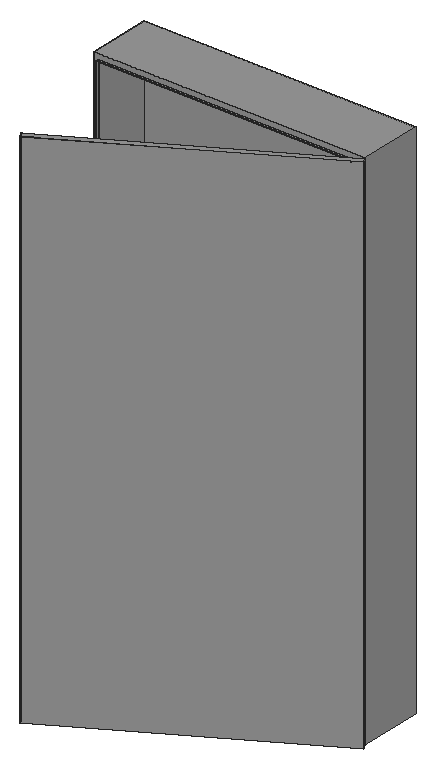
Revit family "Hager-Univers-IP44-D205-H1550-Cl.II-Encl-NoHosted-CH-de", category Equipement électrique, Revit 2020
Family settings
  Configuration du panneau = Deux colonnes, circuits au sein
  Cote de connecteur circulaire = Utiliser le diamètre
  Type d'élément = Tableau de raccordement
  Basée sur le plan de construction = Oui
  Toujours verticalement = Oui
  Couper avec des vides une fois chargée = Non
  Partagée = Non
  Point de calcul de pièce = Non
Parameters (values of type "Aufputz IP44 B800 H1550 T205  - FP03SN2")
  Width Control [instance] = if([EF000008 - Breite] > Min Width, [EF000008 - Breite], Min Width)  # 800 mm
  Commentaires du type = [HG000003 - Bereich]  # "Univers"
  Thickness Door [instance] = if([EF009171 - Materialstärke Tür/Deckel] > 3 mm, 3 mm, [EF009171 - Materialstärke Tür/Deckel])  # 1 mm
  Seal Frame Offset [instance] = 17 mm  # constant formula
  Plinth Visibility [instance] = [HG000027 - Sockelhöhe] > 0 mm  # no
  Min Width [instance] = 100 mm  # constant formula
  Min Depth [instance] = (2 * [EF009170 - Materialstärke Gehäuse]) + 1 mm  # 3 mm
  Min Height [instance] = 100 mm  # constant formula
  Internal Frame Depth [instance] = (Door System Depth * 0.5)  # 9 mm
  Panel Name [instance] = ""  # (empty or 0)
  Model = ""
  HG000027 - Sockelhöhe = 0 mm
  HG000026 - Stehend auf dem Boden = no
  HG000024 - Höhe des unteren Teils = 600 mm
  HG000023 - Gehäuse mit doppeltem Querschnitt = no
  HG000016 - 3D-Türsichtbarkeit [instance] = yes
  HG000015 - Sichtbarkeit der Türöffnung [instance] = no
  HG000014 - Tür rechts [instance] = yes
  HG000013 - Tür links [instance] = not([HG000014 - Tür rechts])  # no
  HG000012 - Türschwenkwinkel [instance] = 30.00°
  HG000010 - Asymmetrische Türen = no
  HG000009 - Doppelflügeligen Tür = no
  HG000006 - Unterputz = no
  HG000004 - Herstellerreferenz = "FP03SN2"
  HG000003 - Bereich = "Univers"
  HG000002 - Mit tür = yes
  Frame Offset Bottom [instance] = 10 mm  # constant formula
  Frame Offset [instance] = 15 mm  # constant formula
  EF015940 - Deckel mit Überdruckentlastung = no
  EF011959 - Schutzart (NEMA) = ""
  EF009554 - Anzahl der Öffnungen für Flanschplatten = 6
  EF009212 - Ausführung Deckel = "EV000116 - geschlossen"
  EF009171 - Materialstärke Tür/Deckel = 1 mm
  EF009170 - Materialstärke Gehäuse = 1 mm
  EF008873 - Nennstrom (In) = 250 A
  EF007800 - Geeignet für Blitzschutz = no
  EF006306 - Mit Schloss = no
  EF006244 - Transparenter Deckel/Tür = no
  EF005474 - Schutzart (IP) = "EV006418 - IP44"
  EF004464 - Art der Tür = "EV002646 - Einzel"
  EF004427 - Anzahl der Module = 360
  EF004293 - Schlagfestigkeit = "EV006815 - IK09"
  EF003532 - Geeignet für Außengebrauch = no
  EF002950 - Breite in Teilungseinheiten = 36
  EF001613 - Funktionserhalt = "EV000494 - ohne"
  EF001596 - Werkstoff des Gehäuses = "EV000179 - Stahl"
  EF001131 - Innentiefe = 143 mm
  EF001088 - Anbaumöglichkeit = yes
  EF000437 - Anzahl der Leitungseinführungen = 6
  EF000339 - Art der Abdeckung = "EV001012 - Deckel"
  EF000266 - Anzahl der Reihen = 10
  EF000218 - Einbautiefe = 205 mm
  EF000118 - Mit Montageplatte = no
  EF000116 - RAL-Nummer = "9010"
  EF000049 - Tiefe = 205 mm
  EF000040 - Höhe = 1550 mm
  EF000008 - Breite = 800 mm
  EF000007 - Farbe = "EV000202 - weiß"
  EF000003 - Montageart = "EV000384 - Aufputz"
  Door System Leaf Tolerance [instance] = 1.5 mm  # constant formula
  Door System Depth [instance] = 18 mm  # constant formula
  Door Height [instance] = Height Control - [HG000027 - Sockelhöhe]  # 1550 mm
  Description = ""
  Default Elevation = 1219.2 mm
  Connector Offset [instance] = Height Control / 2  # 775 mm
  Fabricant = "Hager"  # constant formula
  Height Control [instance] = if([EF000040 - Höhe] > Min Height, [EF000040 - Höhe], Min Height)  # 1550 mm
  Depth Control [instance] = if([EF000049 - Tiefe] > Min Depth, [EF000049 - Tiefe], Min Depth)  # 205 mm
  Bottom Top Plate Trim [instance] = 1.5 mm  # constant formula
  Plinth height Ctrl [instance] = if([HG000027 - Sockelhöhe] > 0 mm, [HG000027 - Sockelhöhe], 12 mm)  # 12 mm
Types (5, lengths in mm): name | Width Control | HG000009 - Doppelflügeligen Tür | HG000004 - Herstellerreferenz | EF009554 - Anzahl der Öffnungen für Flanschplatten | EF008873 - Nennstrom (In) | EF004464 - Art der Tür | EF004427 - Anzahl der Module | EF002950 - Breite in Teilungseinheiten | EF001131 - Innentiefe | EF000437 - Anzahl der Leitungseinführungen | EF000008 - Breite
  Aufputz IP44 B1050 H1550 T205  - FP04SN2 | 1050 | yes | "FP04SN2" | 8 | 400 A | "EV003602 - Doppel" | 480 | 48 | 143 | 8 | 1050
  Aufputz IP44 B1300 H1550 T205  - FP05SN2 | 1300 | yes | "FP05SN2" | 10 | 400 A | "EV003602 - Doppel" | 600 | 60 | 143 | 10 | 1300
  Aufputz IP44 B300 H1550 T205  - FP01SN2 | 300 | no | "FP01SN2" | 2 | 250 A | "EV002646 - Einzel" | 120 | 12 | 130 | 2 | 300
  Aufputz IP44 B550 H1550 T205  - FP02SN2 | 550 | no | "FP02SN2" | 4 | 250 A | "EV002646 - Einzel" | 240 | 24 | 143 | 4 | 550
  Aufputz IP44 B800 H1550 T205  - FP03SN2 | 800 | no | "FP03SN2" | 6 | 250 A | "EV002646 - Einzel" | 360 | 36 | 143 | 6 | 800
Reference planes
  plane 1 "Center (Front/Back)": y = 0
  plane 2: z = 0
  plane 3 "Center (Left/Right)": x = 0
  plane 4: y = 0
  plane 5: y = 0
  plane 6: z = 0
  plane 7: x = -400
  plane 8: x = 400
  plane 9: x = 399
  plane 10: x = -399
  plane 11: z = 0
  plane 12: z = 1
  plane 13: y = -205
  plane 14: y = -1
  plane 15: x = 0
  plane 16: y = -187
  plane 17: y = -204
  plane 18: y = -186
  plane 19: x = -384
  plane 20: x = 384
  plane 21: z = 11
  plane 22: x = -383
  plane 23: x = 383
  plane 24: z = 0
  plane 25: z = 1550
  plane 26: z = 1550
  plane 27: z = 1534
  plane 28: z = 1549
Forms (mm)
  Extrusion 1, solid, material "Hager_Steel_RAL7035_Light_Grey", detail levels medium+fine
    sketch origin (-208.679, -4572, 0) x (-1, 0, 0) y (0, -1, 0)
      loop
        line (191.321, -4385) -> (-608.679, -4385) -> (-608.679, -4572) -> (191.321, -4572) -> (191.321, -4385)
    from 0 to 1550
  Extrusion 2, void
    sketch origin (-350.771, -205, 1219.2) x (1, 0, 0) y (0, 0, 1)
      loop
        line (-48.229, 329.8) -> (-48.229, -1218.2) -> (749.771, -1218.2) -> (749.771, 329.8) -> (-48.229, 329.8)
    from -19 to -204
  Extrusion 3, void
    sketch origin (-290.084, -187, 1219.2) x (1, 0, 0) y (0, 0, 1)
      loop
        line (-93.916, -1208.2) -> (674.084, -1208.2) -> (674.084, 314.8) -> (-93.916, 314.8) -> (-93.916, -1208.2)
    from 0 to -1
  Extrusion 4, solid, material "Hager_Steel_RAL7035_Light_Grey", visible <- "Plinth Visibility", detail levels medium+fine
    sketch origin (0, 0, 0) x (1, 0, 0) y (0, 1, 0)
      loop
        line (-400, 0) -> (-400, -187) -> (400, -187) -> (400, 0) -> (-400, 0)
    from 0 to 12 <- "Plinth height Ctrl"
  Extrusion 5, solid, material "Hager_Steel_RAL7035_Light_Grey", detail levels coarse
    sketch origin (0, 0, 0) x (1, 0, 0) y (0, 1, 0)
      loop
        line (-400, 0) -> (-400, -205) -> (400, -205) -> (400, 0) -> (-400, 0)
    from 0 to 1550 <- "Height Control"
  Sweep 6, void
    path in 3D
      loop
        line (-400, -187, 12) -> (400, -187, 12) -> (400, 0, 12) -> (-400, 0, 12) -> (-400, -187, 12)
    profile origin (-400, -93.5, 12) x (1, 0, 0) y (0, 0, 1)
      loop
        line (0, 0) -> (0, -1.5) -> (1.5, -1.5)
        arc (1.5, -1.5) -> (1.061, -0.439) -> (0, 0) r 1.5
  Extrusion 7, solid, material "Hager_Steel_RAL7035_Light_Grey", detail levels fine
    sketch origin (-400, -187, 0) x (1, 0, 0) y (0, 0, 1)
      loop
        line (16, 11) -> (784, 11) -> (784, 1534) -> (16, 1534) -> (16, 11)
      loop
        line (15, 10) -> (785, 10) -> (785, 1535) -> (15, 1535) -> (15, 10)
    from 0 to 9 <- "Internal Frame Depth"
Cuts and joins
  Extrusion 2, Extrusion 3 cuts Extrusion 1
  Sweep 6 cuts Extrusion 4
Lines and regions (mm)
  Masking region 1
    outline origin (0, 0, 0) x (1, 0, 0) y (0, 1, 0)
      loop
        line (-400, 0) -> (-400, -205) -> (400, -205) -> (400, 0) -> (-400, 0)
  Masking region 2, detail levels coarse
    outline origin (-290.084, -187, 1219.2) x (-1, 0, 0) y (0, 0, 1)
      loop
        line (-690.084, -1219.2) -> (109.916, -1219.2) -> (109.916, 330.8) -> (-690.084, 330.8) -> (-690.084, -1219.2)
  Masking region 3, detail levels coarse
    outline origin (0, 0, 0) x (0, 1, 0) y (0, 0, 1)
      loop
        line (0, 0) -> (0, 1550) -> (-205, 1550) -> (-205, 0) -> (0, 0)
  Masking region 4, visible <- "Plinth Visibility", detail levels medium+fine
    outline origin (0, 0, 0) x (0, 1, 0) y (0, 0, 1)
      loop
        line (-1.5, 12) -> (-185.5, 12)
        arc (-185.5, 12) -> (-185.939, 10.939) -> (-187, 10.5) r 1.5
        line (-187, 10.5) -> (-187, 0) -> (0, 0) -> (0, 10.5)
        arc (0, 10.5) -> (-1.061, 10.939) -> (-1.5, 12) r 1.5
  Masking region 5, detail levels medium+fine
    outline origin (0, 0, 594.038) x (0, 1, 0) y (0, 0, 1)
      loop
        line (0, -594.038) -> (0, 955.962) -> (-187, 955.962) -> (-187, -594.038) -> (0, -594.038)
  Masking region 6, detail levels medium+fine
    outline origin (-359.7, -187, 1211.883) x (-1, 0, 0) y (0, 0, 1)
      loop
        line (-759.7, -1211.883) -> (40.3, -1211.883) -> (40.3, 338.117) -> (-759.7, 338.117) -> (-759.7, -1211.883)
  Masking region 7, visible <- "Plinth Visibility", detail levels medium+fine
    outline origin (-320.334, -187, 1041.368) x (-1, 0, 0) y (0, 0, 1)
      loop
        line (-720.334, -1041.368) -> (79.666, -1041.368) -> (79.666, -1030.868)
        arc (79.666, -1030.868) -> (78.606, -1030.429) -> (78.166, -1029.368) r 1.5
        line (78.166, -1029.368) -> (-718.834, -1029.368)
        arc (-718.834, -1029.368) -> (-719.273, -1030.429) -> (-720.334, -1030.868) r 1.5
        line (-720.334, -1030.868) -> (-720.334, -1041.368)
  sketch lines
    curve 1: line (-400, 0, 12) -> (-400, -187, 12)
    curve 2: line (-400, -187, 12) -> (400, -187, 12)
    curve 3: line (400, 0, 12) -> (-400, 0, 12)
    curve 4: line (400, -187, 12) -> (400, 0, 12)
Dimensions and locks
  locked: plane 1 "Center (Front/Back)" to plane 5
  "EF009170 - Materialstärke Gehäuse": plane 7 to plane 10
  "EF009170 - Materialstärke Gehäuse": plane 8 to plane 9
  equal spacing: plane 7, plane 3 "Center (Left/Right)", plane 8
  "Width Control": plane 7 to plane 8
  "Depth Control": plane 4 to plane 13
  "EF009170 - Materialstärke Gehäuse": plane 4 to plane 14
  "Height Control": plane 25 to level
  "HG000027 - Sockelhöhe": plane 11 to level
  "EF009170 - Materialstärke Gehäuse": plane 12 to plane 11
  "EF009170 - Materialstärke Gehäuse": plane 17 to plane 13
  "EF009170 - Materialstärke Gehäuse": plane 18 to plane 16
  "Frame Offset Bottom": plane 21 to plane 12
  "Frame Offset": plane 10 to plane 19
  "Frame Offset": plane 9 to plane 20
  "Door System Depth": plane 16 to plane 13
  "Seal Frame Offset": plane 7 to plane 22
  "Seal Frame Offset": plane 8 to plane 23
  "EF009170 - Materialstärke Gehäuse": plane 26 to plane 28
  "Frame Offset": plane 28 to plane 27
  "Connector Offset": plane 2 to connector elem
  "Bottom Top Plate Trim": profile plane to Sweep 6 sketch curve
  "Bottom Top Plate Trim": Sweep 6 sketch curve to Sweep 6 sketch curve
  "Plinth height Ctrl": Masking region 4 sketch curve to level
  "Plinth height Ctrl": Masking region 7 sketch curve to level
  "Thickness Door": Extrusion 7 sketch curve to Extrusion 7 sketch curve  (x4)
  "Bottom Top Plate Trim": radius of Sweep 6 sketch curve
  "Bottom Top Plate Trim": radius of Masking region 4 sketch curve  (x2)
  "Bottom Top Plate Trim": radius of Masking region 7 sketch curve  (x2)
  aligned and locked: Extrusion 2 sketch curve to plane 12
  aligned and locked: Extrusion 2 sketch curve to plane 9
  aligned and locked: Extrusion 2 sketch curve to plane 10
  aligned and locked: Extrusion 2 to plane 14
  aligned and locked: Extrusion 1 sketch curve to plane 4
  aligned and locked: plane 8 to Extrusion 1 sketch curve
  aligned and locked: plane 7 to Extrusion 1 sketch curve
  aligned and locked: Extrusion 2 to plane 18
  aligned and locked: Extrusion 3 sketch curve to plane 19
  aligned and locked: plane 20 to Extrusion 3 sketch curve
  aligned and locked: Extrusion 3 to Extrusion 2
  aligned and locked: Extrusion 3 sketch curve to plane 21
  aligned and locked: plane 3 "Center (Left/Right)" to nested 1
  aligned and locked: Extrusion 1 sketch curve to plane 16
  aligned and locked: Extrusion 4 sketch curve to cut or joined group of Extrusion 1, Extrusion 2, Extrusion 3
  aligned and locked: Masking region 1 sketch curve to plane 7
  aligned and locked: Masking region 1 sketch curve to plane 5
  aligned and locked: Masking region 1 sketch curve to plane 8
  aligned and locked: Masking region 2 sketch curve to level
  aligned and locked: level to Masking region 3 sketch curve
  aligned and locked: plane 1 "Center (Front/Back)" to Masking region 3 sketch curve
  aligned and locked: plane 13 to Masking region 3 sketch curve
  aligned and locked: plane 5 to Masking region 4 sketch curve
  aligned and locked: Masking region 2 sketch curve to plane 8
  aligned and locked: Masking region 2 sketch curve to plane 7
  aligned and locked: plane 7 to nested 2
  aligned and locked: nested 2 to plane 5
  aligned and locked: plane 5 to Masking region 5 sketch curve
  aligned and locked: plane 26 to Masking region 5 sketch curve
  aligned and locked: Extrusion 5 sketch curve to plane 8
  aligned and locked: Extrusion 5 sketch curve to plane 7
  aligned and locked: Extrusion 5 sketch curve to plane 5
  aligned and locked: Extrusion 3 sketch curve to plane 27
  aligned and locked: Extrusion 2 sketch curve to plane 28
  aligned and locked: Masking region 2 to plane 25
  aligned and locked: Extrusion 4 to plane 16
  aligned and locked: profile plane to Sweep 6 sketch curve
  aligned and locked: Masking region 5 sketch curve to plane 24
  aligned and locked: level to Masking region 4 sketch curve
  aligned and locked: Masking region 1 to plane 13
  aligned and locked: nested 1 to plane 16
  aligned and locked: Masking region 3 to plane 25
  aligned and locked: plane 16 to Masking region 4 sketch curve
  aligned and locked: Masking region 5 sketch curve to plane 16
  aligned and locked: plane 24 to plane 11
  aligned and locked: plane 26 to plane 25
  aligned and locked: plane 26 to cut or joined group of Extrusion 1, Extrusion 2, Extrusion 3
  aligned and locked: nested 1 to plane 24
  aligned and locked: Extrusion 1 to Extrusion 3
  aligned and locked: Masking region 6 sketch curve to plane 8
  aligned and locked: Masking region 6 sketch curve to plane 24
  aligned and locked: Masking region 6 sketch curve to plane 7
  aligned and locked: Masking region 6 sketch curve to plane 26
  aligned and locked: Masking region 7 sketch curve to plane 7
  aligned and locked: level to Masking region 7 sketch curve
  aligned and locked: Masking region 7 sketch curve to plane 8
  aligned and locked: Extrusion 7 sketch curve to cut or joined group of Extrusion 1, Extrusion 2, Extrusion 3  (x4)
Automatic sketch dimensions
  plane 19 to Extrusion 3 sketch curve = 0 mm
  Extrusion 3 sketch curve to plane 20 = 0 mm
  Extrusion 3 sketch curve to plane 21 = 0 mm
  Extrusion 4 sketch curve to plane 7 = 0 mm
  Extrusion 4 sketch curve to plane 8 = 0 mm
  Extrusion 4 sketch curve to plane 16 = 0 mm
  Masking region 1 sketch curve to plane 13 = 0 mm
  Masking region 2 sketch curve to plane 25 = 0 mm
  Masking region 3 sketch curve to plane 25 = 0 mm
  Extrusion 5 sketch curve to plane 13 = 0 mm
  profile plane to Sweep 6 sketch curve = 0 mm
Nested families
  nested 1: "EC000058_Univers_Door" at (0, -187, 0), Double <- "HG000009 - Doppelflügeligen Tür", Transparent <- "EF006244 - Transparenter Deckel/Tür", Angle <- "HG000012 - Türschwenkwinkel", Door_Right <- "HG000014 - Tür rechts", Assymetrical <- "HG000010 - Asymmetrische Türen", Door <- "HG000002 - Mit tür", Width_Ctrl <- "Width Control", 3d_Door <- "HG000016 - 3D-Türsichtbarkeit", Clearance <- "HG000015 - Sichtbarkeit der Türöffnung", Door_Left <- "HG000013 - Tür links", Width <- "Width Control", Door_Depth <- "Door System Depth", Leaf_Tolerance <- "Door System Leaf Tolerance", Height <- "Door Height", Lock_Visibility <- "EF006306 - Mit Schloss", Thickness <- "Thickness Door", type "EC000058_Univers_Door", detail levels medium+fine
    with min_wh 3 mm, Width_Ctrl 800 mm, Width 800 mm, Transparent no, Thickness 1 mm, Seal_Material Hager_Rubber, Lock_Visibility no, Lock_Material Hager_Plastic_RAL9005_Jet_Black, Leaf_Width 800 mm, Leaf_Tolerance_External_Sides 0 mm, Leaf_Tolerance 1.5 mm, Leaf_Offset 0 mm, Leaf_Height 1547 mm, Leaf_2_Width 800 mm, Leaf_2_Offset 400 mm, Leaf_1_Width 800 mm, Leaf_1_Offset 400 mm, Height_Ctrl 1550 mm, Height 1550 mm, Glass_Material Hager_Glass, Double_Clearance_Ctrl no, Double no, Door_Right_Ctrl yes, Door_Right yes, Door_Material Hager_Steel_RAL7035_Light_Grey, Door_Left_Ctrl no, Door_Left no, Door_Depth 18 mm, Door yes, Clearance_Material Hager_Clearance, Clearance_Depth 800 mm, Clearance_Ctrl no, Clearance no, Assymetrical no, Angle 30.00°, 3d_Door yes
  nested 2: "Hager_Enclosure_Symbol" at (-400, 0, 0), Height <- "Depth Control", Width <- "Width Control", type "Hager_Enclosure_Symbol"
    with Width_Ctrl 800 mm, Width 800 mm, Height_Ctrl 205 mm, Height 205 mm, A_Width_Int 13.453 mm, A_Width 161.438 mm, A_Height_Ctrl 179.375 mm, A_Height 179.375 mm
Connectors
  electrical at (0, 0, 775)
    settings: on plane 1 "Center (Front/Back)", index 1, voltage 0 V, apparent load 0 VA, apparent load phase1 0 VA, apparent load phase2 0 VA, apparent load phase3 0 VA, power factor 1, load classification "Other", number of poles 1, system type 30, power factor state 1, is connector primary yes, connector utility no, sub classification motor no, connector description ""
Definition of nested family "EC000058_Univers_Door"
  Parameters (values of type "EC000058_Univers_Door")
    min_wh [instance] = (2 * Thickness) + 1 mm  # 11 mm
    Width_Ctrl [instance] = 400 mm
    Width [instance] = 500 mm
    Transparent [instance] = yes
    Thickness [instance] = 5 mm
    Seal_Material [instance] = none
    Lock_Visibility [instance] = yes
    Lock_Material [instance] = none
    Leaf_Width [instance] = if((Width_Ctrl - 2 * Leaf_Tolerance_External_Sides) > 0 mm, (Width_Ctrl - 2 * Leaf_Tolerance_External_Sides), min_wh)  # 400 mm
    Leaf_Tolerance_External_Sides [instance] = 0 mm  # constant formula
    Leaf_Tolerance [instance] = 1.5 mm
    Leaf_Offset [instance] = 0 mm  # constant formula
    Leaf_Height [instance] = if((Height_Ctrl - 2 * Leaf_Tolerance) > 0 mm, (Height_Ctrl - 2 * Leaf_Tolerance), min_wh)  # 497 mm
    Leaf_2_Width [instance] = if(and(and(Double, Assymetrical), Door_Left), (Leaf_Width / 3) - (Leaf_Tolerance / 2), if(and(and(Double, Assymetrical), Door_Right), (Leaf_Width / 3) * 2 - (Leaf_Tolerance / 2), if(and(Double, not(Assymetrical)), (Leaf_Width / 2) - Leaf_Tolerance, Leaf_Width)))  # 400 mm
    Leaf_2_Offset [instance] = if(and(Double, Assymetrical), Leaf_2_Width / 2, if(and(Double, not(Assymetrical)), Leaf_Width / 4, Leaf_Width / 2))  # 200 mm
    Leaf_1_Width [instance] = if(and(and(Double, Assymetrical), Door_Right), (Leaf_Width / 3) - (Leaf_Tolerance / 2), if(and(and(Double, Assymetrical), Door_Left), (Width / 3) * 2 - (Leaf_Tolerance / 2), if(and(Double, not(Assymetrical)), (Leaf_Width / 2) - Leaf_Tolerance, Leaf_Width)))  # 400 mm
    Leaf_1_Offset [instance] = if(and(Double, Assymetrical), Leaf_1_Width / 2, if(and(Double, not(Assymetrical)), Leaf_Width / 4, Leaf_Width / 2))  # 200 mm
    Height_Ctrl [instance] = if(Height > min_wh, Height, min_wh)  # 500 mm
    Height [instance] = 500 mm
    Glass_Material [instance] = none
    Double_Clearance_Ctrl [instance] = and(Double, Clearance)  # no
    Double [instance] = no
    Door_Right_Ctrl [instance] = and(or(Door_Right, Double), Door)  # yes
    Door_Right [instance] = yes
    Door_Material [instance] = none
    Door_Left_Ctrl [instance] = and(or(Door_Left, Double), Door)  # no
    Door_Left [instance] = no
    Door_Depth [instance] = 30 mm
    Door [instance] = yes
    Default Elevation = 1219.2 mm
    Clearance_Material [instance] = none
    Clearance_Depth [instance] = if(Leaf_1_Width > Leaf_2_Width, Leaf_1_Width, Leaf_2_Width)  # 400 mm
    Clearance_Ctrl [instance] = and(not(Double), Clearance)  # yes
    Clearance [instance] = yes
    Assymetrical [instance] = yes
    Angle [instance] = 30.00°
    3d_Door [instance] = yes
  Reference planes
    plane 1 "Center (Front/Back)": y = 0
    plane 2 "Bottom": z = 0
    plane 3 "Center (Left/Right)": x = 0
    plane 4: z = 500
    plane 5: x = -200
    plane 6: x = 200
    plane 7: z = 500
    plane 8: x = -200
    plane 9: z = 0
    plane 10: x = 200
    plane 11: y = 0
    plane 12: z = 1.5
    plane 13: x = -600
    plane 14: y = -400
    plane 15: x = 600
    plane 16: x = 0
    plane 17: x = 0
    plane 18: x = -200
    plane 19: x = 200
    plane 20: z = 498.5
  Forms (mm)
    Extrusion 1, solid, material <- "Clearance_Material", visible <- "Double_Clearance_Ctrl"
      sketch origin (1200, 0, 0) x (1, 0, 0) y (0, 0, -1)
        loop
          line (-1800, -498.5) -> (-600, -498.5) -> (-600, 0) -> (-1800, 0) -> (-1800, -498.5)
      from 0 to -400
  Dimensions and locks
    equal spacing: plane 5, plane 3 "Center (Left/Right)", plane 6
    "Width_Ctrl": plane 5 to plane 6
    "Leaf_Offset": plane 5 to plane 8
    "Leaf_Offset": plane 6 to plane 10
    "Leaf_Offset": plane 9 to level
    "Leaf_Offset": plane 4 to plane 7
    "Height_Ctrl": plane 4 to level
    "Leaf_Tolerance": plane 12 to plane 9
    locked: plane 11 to plane 1 "Center (Front/Back)"
    "Leaf_1_Offset": plane 18 to plane 16
    "Leaf_2_Offset": plane 17 to plane 19
    "Leaf_1_Width": plane 13 to plane 8
    "Leaf_2_Width": plane 10 to plane 15
    "Clearance_Depth": plane 14 to plane 1 "Center (Front/Back)"
    "Leaf_Tolerance_External_Sides": plane 8 to plane 18
    "Leaf_Tolerance_External_Sides": plane 19 to plane 10
    "Leaf_Tolerance": plane 7 to plane 20
    aligned and locked: level to plane 2 "Bottom"
    aligned and locked: nested 1 to plane 16
    aligned and locked: nested 2 to plane 17
    aligned and locked: Extrusion 1 to plane 13
    aligned and locked: plane 15 to Extrusion 1
    aligned and locked: Extrusion 1 to plane 14
    aligned and locked: plane 12 to nested 1
    aligned and locked: nested 2 to plane 12
    aligned and locked: Extrusion 1 to plane 11
    aligned and locked: plane 20 to Extrusion 1
    aligned and locked: nested 2 to plane 11
    aligned and locked: nested 1 to plane 11
  Automatic sketch dimensions
    Extrusion 1 sketch curve to level = 0 mm
    plane 5 to Extrusion 1 sketch curve = 400 mm
    plane 6 to Extrusion 1 sketch curve = 400 mm
    Extrusion 1 sketch curve to plane 4 = 1.5 mm
  Nested families
    nested 1: "EC000058_Univers_Door_Leaf" at (0, 0, 1.5), Width <- "Leaf_1_Width", visible <- "Door_Left_Ctrl", Leaf_Height <- "Leaf_Height", Angle <- "Angle", 3d_Door <- "3d_Door", Transparent <- "Transparent", Clearance Material <- "Clearance_Material", Clearance <- "Clearance_Ctrl", Door_Material <- "Door_Material", Glass_Material <- "Glass_Material", Door_Depth <- "Door_Depth", Lock_Material <- "Lock_Material", Seal_Material <- "Seal_Material", Lock_Visibility <- "Lock_Visibility", Thickness <- "Thickness", type "EC000058_Univers_Door_Leaf"
      with Width 400 mm, Transparent_Glass_Offset 30 mm, Transparent_Ctrl yes, Transparent yes, Thickness 5 mm, Standard no, Seal_Material none, Seal_D2 8 mm, Seal_D1 1 mm, Offset_Internal_Frame 10 mm, Lock_Width 20 mm, Lock_Visibility_3d yes, Lock_Visibility yes, Lock_Thickness_3 3 mm, Lock_Thickness_2 1 mm, Lock_Thickness_1 3 mm, Lock_Radius_Offset_2 16 mm, Lock_Radius_Offset_1 15 mm, Lock_Radius_2 5 mm, Lock_Radius 6 mm, Lock_Offset 5 mm, Lock_Material none, Lock_Height 80 mm, Lock_Cover_Top_Offset_2d 17 mm, Lock_Cover_Height -65 mm, Leaf_Height 497 mm, Internal_Seal_Thickness 8 mm, Internal_Seal_Depth_2 4.5 mm, Internal_Frame_Depth 25 mm, Glass_Thickness -1 mm, Glass_Offset -2 mm, Glass_Material none, Door_Material none, Door_Depth 30 mm, Clearance Material none, Clearance yes, Angle_Ctrl 30.00°, Angle 30.00°, 3d_Door yes
    nested 2: "EC000058_Univers_Door_Leaf" at (0, 0, 1.5) x (-1, 0, 0) z (0, 0, 1), Width <- "Leaf_2_Width", visible <- "Door_Right_Ctrl", Leaf_Height <- "Leaf_Height", Angle <- "Angle", 3d_Door <- "3d_Door", Transparent <- "Transparent", Clearance Material <- "Clearance_Material", Clearance <- "Clearance_Ctrl", Door_Material <- "Door_Material", Glass_Material <- "Glass_Material", Door_Depth <- "Door_Depth", Lock_Material <- "Lock_Material", Seal_Material <- "Seal_Material", Lock_Visibility <- "Lock_Visibility", Thickness <- "Thickness", type "EC000058_Univers_Door_Leaf"
      with Width 400 mm, Transparent_Glass_Offset 30 mm, Transparent_Ctrl yes, Transparent yes, Thickness 5 mm, Standard no, Seal_Material none, Seal_D2 8 mm, Seal_D1 1 mm, Offset_Internal_Frame 10 mm, Lock_Width 20 mm, Lock_Visibility_3d yes, Lock_Visibility yes, Lock_Thickness_3 3 mm, Lock_Thickness_2 1 mm, Lock_Thickness_1 3 mm, Lock_Radius_Offset_2 16 mm, Lock_Radius_Offset_1 15 mm, Lock_Radius_2 5 mm, Lock_Radius 6 mm, Lock_Offset 5 mm, Lock_Material none, Lock_Height 80 mm, Lock_Cover_Top_Offset_2d 17 mm, Lock_Cover_Height -65 mm, Leaf_Height 497 mm, Internal_Seal_Thickness 8 mm, Internal_Seal_Depth_2 4.5 mm, Internal_Frame_Depth 25 mm, Glass_Thickness -1 mm, Glass_Offset -2 mm, Glass_Material none, Door_Material none, Door_Depth 30 mm, Clearance Material none, Clearance yes, Angle_Ctrl 30.00°, Angle 30.00°, 3d_Door yes
  Definition of nested family "EC000058_Univers_Door_Leaf"
    Parameters (values of type "EC000058_Univers_Door_Leaf")
      Width [instance] = 2000 mm
      Transparent_Glass_Offset [instance] = 30 mm
      Transparent_Ctrl [instance] = and(Transparent, [3d_Door])  # yes
      Transparent [instance] = yes
      Thickness [instance] = 5 mm
      Standard [instance] = and(not(Transparent), [3d_Door])  # no
      Seal_Material [instance] = none
      Seal_D2 [instance] = 8 mm  # constant formula
      Seal_D1 [instance] = 1 mm  # constant formula
      Offset_Internal_Frame [instance] = 10 mm  # constant formula
      Lock_Width [instance] = 20 mm  # constant formula
      Lock_Visibility_3d [instance] = and(Lock_Visibility, [3d_Door])  # yes
      Lock_Visibility [instance] = yes
      Lock_Thickness_3 [instance] = 3 mm  # constant formula
      Lock_Thickness_2 [instance] = 1 mm  # constant formula
      Lock_Thickness_1 [instance] = 3 mm  # constant formula
      Lock_Radius_Offset_2 [instance] = Lock_Radius_Offset_1 + 1 mm  # 16 mm
      Lock_Radius_Offset_1 [instance] = 15 mm  # constant formula
      Lock_Radius_2 [instance] = Lock_Radius - 1 mm  # 5 mm
      Lock_Radius [instance] = 6 mm  # constant formula
      Lock_Offset [instance] = 5 mm  # constant formula
      Lock_Material [instance] = none
      Lock_Height [instance] = 80 mm  # constant formula
      Lock_Cover_Top_Offset_2d [instance] = Lock_Radius_Offset_2 + 1 mm  # 17 mm
      Lock_Cover_Height [instance] = -(Lock_Height - Lock_Radius_Offset_1)  # -65 mm
      Leaf_Height [instance] = 2720.336 mm
      Internal_Seal_Thickness [instance] = 8 mm  # constant formula
      Internal_Seal_Depth_2 [instance] = 4.5 mm  # constant formula
      Internal_Frame_Depth [instance] = if(Door_Depth - Thickness > 5 mm, Door_Depth - Thickness, 5 mm)  # 25 mm
      Glass_Thickness [instance] = if(Thickness > 15 mm, Glass_Offset + 10 mm, -1 mm)  # -1 mm
      Glass_Offset [instance] = if(Thickness > 15 mm, -(Thickness + 10 mm) / 2, -2 mm)  # -2 mm
      Glass_Material [instance] = none
      Door_Material [instance] = none
      Door_Depth [instance] = 30 mm
      Default Elevation = 0 mm
      Clearance Material [instance] = none
      Clearance [instance] = yes
      Angle_Ctrl [instance] = if(Angle > 180.00°, 180.00°, Angle)  # 90.00°
      Angle [instance] = 90.00°
      3d_Door [instance] = yes
    Reference planes
      plane 1 "Center (Front/Back)": y = 0
      plane 2: z = 0
      plane 3 "Center (Left/Right)": x = 0
      plane 4: y = 2000
      plane 5: x = -1000
      plane 6: x = 1000
      plane 7: x = -3000
      plane 8: z = 2720.336
      plane 9: z = 30
      plane 10: z = 2690.336
      plane 11: x = 970
      plane 12: x = -970
      plane 13: y = -3
      plane 14: z = 107.833
      plane 15: y = -5
      plane 16: y = -223.314
      plane 17: x = -1000
      plane 18: z = 1360.168
      plane 19: y = 30
    Forms (mm)
      Extrusion 1, solid, material <- "Clearance Material", visible <- "Clearance"
        sketch origin (0, 0, 0) x (1, 0, 0) y (0, 0, 1)
          loop
            line (-3000, 2720.336) -> (-3000, 0) -> (1000, 0) -> (1000, 2720.336) -> (-3000, 2720.336)
        from 0 to -2000
      Extrusion 2, solid, material <- "Door_Material", visible <- "Standard", detail levels medium+fine
        sketch origin (-1000, 0, 0) x (0, 1, 0) y (-1, 0, 0)
          loop
            line (0, 30) -> (0, 25) -> (2000, 25) -> (2000, 30) -> (0, 30)
        from 0 to 2720.336 <- "Leaf_Height"
      Extrusion 3, solid, material <- "Door_Material", visible <- "Transparent_Ctrl", detail levels medium+fine
        sketch origin (-1000, 0, 0) x (0, 1, 0) y (-1, 0, 0)
          loop
            line (0, 25) -> (2000, 25) -> (2000, 30) -> (0, 30) -> (0, 25)
        from 0 to 2720.336 <- "Leaf_Height"
      Extrusion 4, void
        sketch origin (-1025, 2000, 0) x (0, 1, 0) y (0, 0, -1)
          loop
            line (-30, -2690.336) -> (-30, -30) -> (-1970, -30) -> (-1970, -2690.336) -> (-30, -2690.336)
        from 0 to 5 <- "Thickness"
      Sweep 5, solid, material <- "Seal_Material", visible <- "Transparent_Ctrl", detail levels fine
        path in 3D
          loop
            line (-1025, 30, 30) -> (-1025, 30, 2690.336) -> (-1025, 1970, 2690.336) -> (-1025, 1970, 30) -> (-1025, 30, 30)
        profile origin (-1025, 1000, 30) x (1, 0, 0) y (0, 0, 1)
          loop
            line (0, 0) -> (0, -8) -> (1, -8) -> (1, 0) -> (0, 0)
      Extrusion 6, solid, material <- "Glass_Material", visible <- "Transparent_Ctrl", detail levels medium+fine
        sketch origin (-1030, 0, 0) x (0, 1, 0) y (0, 0, -1)
          loop
            line (1970, -2690.336) -> (1970, -30) -> (30, -30) -> (30, -2690.336) -> (1970, -2690.336)
        from -2 <- "Glass_Offset" to -1 <- "Glass_Thickness"
      Extrusion 7, solid, material <- "Door_Material", visible <- "3d_Door", detail levels medium+fine
        sketch origin (-1025, 2000, 0) x (0, -1, 0) y (0, 0, -1)
          loop
            line (0, -2720.336) -> (2000, -2720.336) -> (2000, 0) -> (0, 0) -> (0, -2720.336)
          loop
            line (1995, -5) -> (5, -5) -> (5, -2715.336) -> (1995, -2715.336) -> (1995, -5)
        from 0 to 25 <- "Internal_Frame_Depth"
      Sweep 8, solid, material <- "Seal_Material", visible <- "Transparent_Ctrl", detail levels fine
        path in 3D
          loop
            line (-1025, 0, 0) -> (-1025, 2000, 0) -> (-1025, 2000, 2720.336) -> (-1025, 0, 2720.336) -> (-1025, 0, 0)
        profile origin (-1025, 0, 1360.168) x (1, 0, 0) y (0, 1, 0)
          loop
            line (0, 10) -> (2.975, 10)
            arc (2.975, 10) -> (4.053, 10.447) -> (4.5, 11.525) r 1.525
            line (4.5, 11.525) -> (4.5, 16.527)
            arc (4.5, 16.527) -> (4.069, 17.569) -> (3.027, 18) r 1.473
            line (3.027, 18) -> (0, 18) -> (0, 10)
      Extrusion 9, solid, material <- "Lock_Material", visible <- "Lock_Visibility_3d", detail levels fine
        sketch origin (-1030, 0, 0) x (0, 1, 0) y (0, 0, -1)
          loop
            arc (1993.5, -1400.168) -> (1994.561, -1399.729) -> (1995, -1398.668) r 1.5
            line (1995, -1398.668) -> (1995, -1320.168) -> (1975, -1320.168) -> (1975, -1398.668)
            arc (1975, -1398.668) -> (1975.439, -1399.729) -> (1976.5, -1400.168) r 1.5
            line (1976.5, -1400.168) -> (1993.5, -1400.168)
        from 3 <- "Lock_Thickness_1" to 0
      Blend 10, solid, material <- "Lock_Material", visible <- "Lock_Visibility_3d", detail levels fine
        base sketch origin (-1033, 0, 0) x (0, 1, 0) y (0, 0, -1)
          loop
            line (1975, -1320.168) -> (1975, -1398.668)
            arc (1975, -1398.668) -> (1975.439, -1399.729) -> (1976.5, -1400.168) r 1.5
            line (1976.5, -1400.168) -> (1993.5, -1400.168)
            arc (1993.5, -1400.168) -> (1994.561, -1399.729) -> (1995, -1398.668) r 1.5
            line (1995, -1398.668) -> (1995, -1320.168) -> (1975, -1320.168)
        top sketch origin (-1033, 0, 0) x (0, 1, 0) y (0, 0, -1)
          loop
            line (1976, -1320.168) -> (1976, -1398.668)
            arc (1976, -1398.668) -> (1976.146, -1399.022) -> (1976.5, -1399.168) r 0.5
            line (1976.5, -1399.168) -> (1993.5, -1399.168)
            arc (1993.5, -1399.168) -> (1993.854, -1399.022) -> (1994, -1398.668) r 0.5
            line (1994, -1398.668) -> (1994, -1320.168) -> (1976, -1320.168)
        from 0 to 1 <- "Lock_Thickness_2"
      Blend 11, solid, material <- "Lock_Material", visible <- "Lock_Visibility_3d", detail levels fine
        base sketch origin (-1034, 0, 0) x (0, 1, 0) y (0, 0, -1)
          loop
            line (1978, -1320.168) -> (1978, -1384.168)
            arc (1978, -1384.168) -> (1985, -1391.168) -> (1992, -1384.168) r 7
            line (1992, -1384.168) -> (1992, -1320.168) -> (1978, -1320.168)
        top sketch origin (-1034, 0, 0) x (0, 1, 0) y (0, 0, -1)
          loop
            line (1991, -1320.168) -> (1979, -1320.168) -> (1979, -1383.168)
            arc (1979, -1383.168) -> (1985, -1389.168) -> (1991, -1383.168) r 6
            line (1991, -1383.168) -> (1991, -1320.168)
        from 0 to 3 <- "Lock_Thickness_3"
      Extrusion 12, solid, material <- "Lock_Material", visible <- "Lock_Visibility_3d", detail levels fine
        sketch origin (-1030, 1975, 1320.168) x (1, 0, 0) y (0, -1, 0)
          loop
            line (-7, -19) -> (-7, -1) -> (0, -1) -> (0, 0) -> (-8, 0) -> (-8, -20) -> (0, -20) -> (0, -19) -> (-7, -19)
        from 0 to -65 <- "Lock_Cover_Height"
      Extrusion 13, void
        sketch origin (-1038, 1995, 1320.168) x (-1, 0, 0) y (0, 0, -1)
          loop
            line (-5, -65) -> (0, -65) -> (-5, -60) -> (-5, -65)
        from 0 to 20 <- "Lock_Width"
      Extrusion 14, void
        sketch origin (-1038, 1975, 1320.168) x (0, -1, 0) y (0, 0, -1)
          loop
            circle (-10, -15.995) r 6
          loop
            circle (-10, -15.995) r 5
        from 0 to 2
      Extrusion 15, solid, material <- "Lock_Material", visible <- "Lock_Visibility_3d", detail levels medium
        sketch origin (-1030, 0, 0) x (0, 1, 0) y (0, 0, -1)
          loop
            arc (1993.5, -1400.168) -> (1994.561, -1399.729) -> (1995, -1398.668) r 1.5
            line (1995, -1398.668) -> (1995, -1320.168) -> (1975, -1320.168) -> (1975, -1398.668)
            arc (1975, -1398.668) -> (1975.439, -1399.729) -> (1976.5, -1400.168) r 1.5
            line (1976.5, -1400.168) -> (1993.5, -1400.168)
        from 8 to 0
    Cuts and joins
      Extrusion 4 cuts Extrusion 3
      Extrusion 13, Extrusion 14 cuts Extrusion 9
      Extrusion 14 cuts Blend 11
      Extrusion 13, Extrusion 14 cuts Extrusion 12
      joined: Extrusion 9, Blend 10, Blend 11, Extrusion 12
      Extrusion 14 cuts Extrusion 15
    Lines and regions (mm)
      Masking region 1, visible <- "Lock_Visibility", detail levels fine
        outline origin (0, 0, 0) x (0, 1, 0) y (0, 0, 1)
          loop
            line (30, 1320.168) -> (33, 1320.168) -> (33, 1400.168) -> (30, 1400.168) -> (30, 1320.168)
      Masking region 2, visible <- "Lock_Visibility", detail levels fine
        outline origin (0, 3.143, 0) x (0, 1, 0) y (0, 0, 1)
          loop
            line (29.857, 1354.168) -> (30.857, 1354.168) -> (30.857, 1366.168) -> (29.857, 1366.168) -> (29.857, 1354.168)
      Masking region 3, detail levels medium+fine
        outline origin (0, 0, 0) x (0, 1, 0) y (0, 0, 1)
          loop
            line (0, 0) -> (30, 0) -> (30, 2720.336) -> (0, 2720.336) -> (0, 0)
      Masking region 4, detail levels medium+fine
        outline origin (0, 0, 0) x (1, 0, 0) y (0, 0, 1)
          loop
            line (-1000, 2720.336) -> (-1000, 0) -> (1000, 0) -> (1000, 2720.336) -> (-1000, 2720.336)
      Masking region 5, visible <- "Lock_Visibility", detail levels fine
        outline origin (-47.116, 0, 0) x (1, 0, 0) y (0, 0, 1)
          loop
            arc (1024.616, 1399.168) -> (1023.556, 1398.729) -> (1023.116, 1397.668) r 1.5
            line (1023.116, 1397.668) -> (1023.116, 1320.168) -> (1041.116, 1320.168) -> (1041.116, 1397.668)
            arc (1041.116, 1397.668) -> (1040.677, 1398.729) -> (1039.616, 1399.168) r 1.5
            line (1039.616, 1399.168) -> (1024.616, 1399.168)
      Masking region 6, visible <- "Lock_Visibility", detail levels medium+fine
        outline origin (-25, 0, 0) x (1, 0, 0) y (0, 0, 1)
          loop
            arc (1001.5, 1400.168) -> (1000.439, 1399.729) -> (1000, 1398.668) r 1.5
            line (1000, 1398.668) -> (1000, 1320.168) -> (1020, 1320.168) -> (1020, 1398.668)
            arc (1020, 1398.668) -> (1019.561, 1399.729) -> (1018.5, 1400.168) r 1.5
            line (1018.5, 1400.168) -> (1001.5, 1400.168)
      Masking region 7, visible <- "Lock_Visibility", detail levels fine
        outline origin (-73.735, 0, 0) x (1, 0, 0) y (0, 0, 1)
          loop
            line (1051.735, 1382.168) -> (1065.735, 1382.168) -> (1065.735, 1384.168)
            arc (1065.735, 1384.168) -> (1058.735, 1391.168) -> (1051.735, 1384.168) r 7
            line (1051.735, 1384.168) -> (1051.735, 1382.168)
      Masking region 8, visible <- "Lock_Visibility", detail levels fine
        outline origin (-73.735, 0, 0) x (1, 0, 0) y (0, 0, 1)
          loop
            line (1052.735, 1382.168) -> (1064.735, 1382.168) -> (1064.735, 1383.168)
            arc (1064.735, 1383.168) -> (1058.735, 1389.168) -> (1052.735, 1383.168) r 6
            line (1052.735, 1383.168) -> (1052.735, 1382.168)
      Masking region 9, visible <- "Lock_Visibility", detail levels fine
        outline origin (-25, 0, 0) x (1, 0, 0) y (0, 0, 1)
          loop
            line (1020, 1320.168) -> (1020, 1382.168) -> (1000, 1382.168) -> (1000, 1320.168) -> (1020, 1320.168)
      Masking region 10, detail levels medium+fine
        outline origin (0, 0, 0) x (1, 0, 0) y (0, 0, 1)
          loop
            circle (985, 1335.144) r 6
      Masking region 11, detail levels fine
        outline origin (0, 0, 0) x (1, 0, 0) y (0, 0, 1)
          loop
            circle (985, 1335.144) r 5
      Masking region 12, visible <- "Lock_Visibility", detail levels fine
        outline origin (0, 12.767, 0) x (0, 1, 0) y (0, 0, 1)
          loop
            line (20.233, 1320.168) -> (21.233, 1320.168) -> (21.233, 1399.168) -> (20.233, 1400.168) -> (20.233, 1320.168)
      Masking region 13, visible <- "Lock_Visibility", detail levels fine
        outline origin (0, 13.767, -10) x (0, 1, 0) y (0, 0, 1)
          loop
            line (20.233, 1330.168) -> (23.233, 1330.168) -> (23.233, 1399.168) -> (20.233, 1402.168) -> (20.233, 1330.168)
      Masking region 14, visible <- "Lock_Visibility", detail levels fine
        outline origin (0, 12.767, -10) x (0, 1, 0) y (0, 0, 1)
          loop
            line (20.233, 1330.168) -> (25.233, 1330.168) -> (25.233, 1399.305) -> (20.233, 1394.305) -> (20.233, 1330.168)
      Masking region 15, visible <- "Lock_Visibility", detail levels medium
        outline origin (0, 0, 0) x (0, 1, 0) y (0, 0, 1)
          loop
            line (30, 1320.168) -> (38, 1320.168) -> (38, 1400.168) -> (30, 1400.168) -> (30, 1320.168)
      Masking region 16, visible <- "Lock_Visibility", detail levels fine
        outline origin (-1000, 0, 0) x (0, 1, 0) y (-1, 0, 0)
          loop
            line (1975, 30) -> (1995, 30) -> (1995, 38) -> (1975, 38) -> (1975, 30)
          loop
            line (1979, 37) -> (1976, 37) -> (1976, 34) -> (1978, 34) -> (1979, 37)
          loop
            line (1994, 37) -> (1991, 37) -> (1992, 34) -> (1994, 34) -> (1994, 37)
      Masking region 17, visible <- "Lock_Visibility", detail levels medium
        outline origin (-1000, 0, 0) x (0, 1, 0) y (-1, 0, 0)
          loop
            line (1975, 30) -> (1995, 30) -> (1995, 38) -> (1975, 38) -> (1975, 30)
      symbolic lines
        curve 1: line (1000, 0, 0) -> (-3000, 0, 0)
        curve 2: arc (1000, 0, 0) -> (-1000, 2000, 0) -> (-3000, 0, 0) r 2000
        curve 4: line (-1030, 0, 0) -> (-1030, 2000, 0)
      reference lines
        curve 3: line (-1000, 0, 0) -> (-1000, 2000, 0)
      symbolic lines, detail levels medium+fine
        curve 5: line (-1030, 2000, 0) -> (-1025, 2000, 0)
        curve 7: line (-1025, 0, 0) -> (-1030, 0, 0)
        curve 8: line (-1025, 0, 0) -> (-1000, 0, 0)
        curve 9: line (-1000, 0, 0) -> (-1000, 2000, 0)
        curve 10: line (-1000, 2000, 0) -> (-1025, 2000, 0)
      symbolic lines, detail levels fine
        curve 6: line (-1025, 2000, 0) -> (-1025, 0, 0)
      sketch lines
        curve 11: line (-1025, 0, 2720.336) -> (-1025, 0, 0)
        curve 12: line (-1025, 2000, 0) -> (-1025, 0, 0)
        curve 13: line (-1025, 2000, 2720.336) -> (-1025, 2000, 0)
        curve 14: line (-1025, 0, 2720.336) -> (-1025, 2000, 2720.336)
        curve 15: line (-1025, 1970, 30) -> (-1025, 30, 30)
        curve 16: line (-1025, 30, 30) -> (-1025, 30, 2690.336)
        curve 17: line (-1025, 1970, 2690.336) -> (-1025, 1970, 30)
        curve 18: line (-1025, 30, 2690.336) -> (-1025, 1970, 2690.336)
      symbolic lines, visible <- "Transparent", detail levels medium+fine
        curve 19: line (-970, 0, 2690.336) -> (970, 0, 2690.336)
        curve 20: line (-970, 0, 30) -> (-970, 0, 2690.336)
        curve 21: line (970, 0, 30) -> (-970, 0, 30)
        curve 22: line (970, 0, 2690.336) -> (970, 0, 30)
    Dimensions and locks
      "Width": plane 1 "Center (Front/Back)" to plane 4
      equal spacing: plane 5, plane 3 "Center (Left/Right)", plane 6
      "Width": plane 5 to plane 6
      "Width": plane 7 to plane 5
      "Leaf_Height": plane 8 to level
      "Width": curve 5 to curve 3
      "Width": curve 3 to curve 3
      plane 8 to plane 10 = 30 mm
      plane 9 to level = 30 mm
      plane 12 to plane 5 = 30 mm
      plane 6 to plane 11 = 30 mm
      Extrusion 1 to Extrusion 4 sketch curve = 30 mm
      "Transparent_Glass_Offset": curve 3 to Extrusion 4 sketch curve
      "Transparent_Glass_Offset": Extrusion 4 sketch curve to cut or joined group of Extrusion 3, Extrusion 4  (x2)
      cut or joined group of Extrusion 3, Extrusion 4 to Extrusion 6 sketch curve = 30 mm
      "Transparent_Glass_Offset": cut or joined group of Extrusion 3, Extrusion 4 to Extrusion 4 sketch curve
      "Thickness": curve 6 to curve 4
      "Thickness": Extrusion 7 sketch curve to Extrusion 7 sketch curve  (x4)
      "Door_Depth": curve 4 to curve 3
      "Offset_Internal_Frame": profile plane to Sweep 8 sketch curve
      "Internal_Seal_Thickness": Sweep 8 sketch curve to Sweep 8 sketch curve
      "Internal_Seal_Depth_2": profile plane to Sweep 8 sketch curve
      "Seal_D1": profile plane to Sweep 5 sketch curve
      "Seal_D2": profile plane to Sweep 5 sketch curve
      "Thickness": Extrusion 2 sketch curve to Extrusion 2 sketch curve
      equal spacing: Extrusion 9 sketch curve, plane 18, Extrusion 9 sketch curve  (x2)
      equal spacing: Masking region 1 sketch curve, plane 18, Masking region 1 sketch curve
      "Lock_Height": Masking region 1 sketch curve to Masking region 1 sketch curve
      "Lock_Radius": Masking region 2 sketch curve to plane 18 to Masking region 2 sketch curve
      Masking region 2 sketch curve to Masking region 1 = 1 mm
      "Door_Depth": plane 19 to plane 1 "Center (Front/Back)"
      "Lock_Thickness_1": Masking region 1 sketch curve to plane 19
      "Lock_Width": Extrusion 9 sketch curve to Extrusion 9 sketch curve
      "Lock_Height": Extrusion 9 sketch curve to Extrusion 9 sketch curve
      "Lock_Offset": cut or joined group of Extrusion 3, Extrusion 4 to Extrusion 9 sketch curve
      equal spacing: plane 8, plane 18, level
      "Lock_Radius_Offset_1": Blend 11 sketch curve to Blend 10
      locked: Blend 10 to Blend 11 sketch curve at 2  (x2)
      locked: var sketch to Blend 11 sketch curve at 1  (x2)
      "Lock_Radius_Offset_2": Blend 11 sketch curve to Blend 10
      locked: Extrusion 12 sketch curve to Extrusion 12 sketch curve at 1  (x3)
      Masking region 6 sketch curve to Masking region 6 sketch curve = 80 mm
      "Lock_Height": Masking region 6 sketch curve to Masking region 6 sketch curve
      "Lock_Width": Masking region 6 sketch curve to Masking region 6 sketch curve
      locked: Masking region 6 to Masking region 5 sketch curve at 1  (x3)
      locked: Masking region 5 to Masking region 7 sketch curve at 2  (x2)
      "Lock_Radius_Offset_1": Masking region 5 to Masking region 7 sketch curve
      "Lock_Radius_Offset_2": Masking region 5 to Masking region 8 sketch curve
      locked: Masking region 7 to Masking region 8 sketch curve at 1  (x2)
      "Lock_Cover_Top_Offset_2d": Masking region 5 to Masking region 9 sketch curve
      equal spacing: Masking region 9, Masking region 10 sketch curve, Masking region 9
      equal spacing: Masking region 9, Masking region 11 sketch curve, Masking region 9
      Extrusion 15 sketch curve to Extrusion 15 sketch curve = 80 mm
      "Lock_Width": Extrusion 15 sketch curve to Extrusion 15 sketch curve
      "Lock_Height": Extrusion 15 sketch curve to Extrusion 15 sketch curve
      equal spacing: Extrusion 15 sketch curve, plane 18, Extrusion 15 sketch curve
      "Lock_Thickness_3": Masking region 13 sketch curve to Masking region 13 sketch curve
      "Lock_Height": Masking region 12 sketch curve to Masking region 12 sketch curve
      locked: Masking region 13 sketch curve to Masking region 1 at 8
      locked: Masking region 14 sketch curve to Masking region 13 at 1
      locked: Masking region 14 sketch curve to Masking region 1 at 10.863
      "Lock_Height": Masking region 15 sketch curve to Masking region 15 sketch curve
      "Lock_Offset": Extrusion 15 sketch curve to cut or joined group of Extrusion 3, Extrusion 4
      "Lock_Offset": plane 6 to Masking region 6 sketch curve
      radius of Sweep 8 sketch curve = 1.525 mm
      radius of Sweep 8 sketch curve = 1.473 mm
      radius of Extrusion 9 sketch curve = 1.5 mm  (x2)
      "Lock_Radius": radius of Extrusion 14 sketch curve
      "Lock_Radius_2": radius of Extrusion 14 sketch curve
      "Lock_Radius": radius of Masking region 10 sketch curve
      "Lock_Radius_2": radius of Masking region 11 sketch curve
      radius of Extrusion 15 sketch curve = 1.5 mm  (x2)
      "Angle_Ctrl": angle plane 1 "Center (Front/Back)" to curve 3
      locked: Masking region 12 sketch curve to Masking region 12 sketch curve (angle 45.00°)
      locked: Masking region 13 sketch curve to Masking region 13 sketch curve (angle 45.00°)
      locked: Masking region 14 sketch curve to Masking region 14 sketch curve (angle 45.00°)
      aligned and locked: level to plane 2
      aligned and locked: Extrusion 1 to curve 1
      aligned and locked: plane 6 to Extrusion 1
      aligned and locked: Extrusion 1 to plane 1 "Center (Front/Back)"
      aligned and locked: plane 4 to Extrusion 1
      aligned and locked: plane 8 to Extrusion 1
      aligned and locked: curve 7 to Extrusion 2 sketch curve
      aligned and locked: curve 5 to Extrusion 2 sketch curve
      aligned and locked: curve 7 to Extrusion 3 sketch curve
      aligned and locked: Extrusion 3 sketch curve to curve 4
      aligned and locked: Extrusion 3 sketch curve to curve 6
      aligned and locked: Extrusion 3 sketch curve to curve 5
      aligned and locked: curve 9 to curve 3
      aligned and locked: Extrusion 7 sketch curve to cut or joined group of Extrusion 3, Extrusion 4  (x4)
      aligned and locked: plane 17 to curve 3
      aligned and locked: plane 1 "Center (Front/Back)" to curve 3
      aligned and locked: plane 17 to plane 5
      aligned and locked: Sweep 8 sketch curve to profile plane
      aligned and locked: Sweep 5 sketch curve to profile plane  (x2)
      aligned and locked: Masking region 1 to Masking region 2 sketch curve
      aligned and locked: plane 19 to Masking region 1 sketch curve
      aligned and locked: plane 1 "Center (Front/Back)" to Masking region 3 sketch curve
      aligned and locked: plane 19 to Masking region 3 sketch curve
      aligned and locked: level to Masking region 3 sketch curve
      aligned and locked: Masking region 3 sketch curve to plane 8
      aligned and locked: plane 17 to Masking region 4 sketch curve
      aligned and locked: level to Masking region 4 sketch curve
      aligned and locked: Masking region 4 sketch curve to plane 8
      aligned and locked: plane 12 to curve 20
      aligned and locked: plane 10 to curve 19
      aligned and locked: plane 11 to curve 22
      aligned and locked: curve 21 to plane 9
      aligned and locked: Extrusion 2 sketch curve to cut or joined group of Extrusion 3, Extrusion 4
      aligned and locked: Blend 10 sketch curve to Extrusion 9  (x4)
      aligned and locked: Extrusion 9 to Blend 10 sketch curve
      aligned and locked: Blend 10 to Blend 11 sketch curve
      aligned and locked: Extrusion 12 sketch curve to Blend 11
      aligned and locked: Extrusion 12 sketch curve to Extrusion 9  (x4)
      aligned and locked: Masking region 5 sketch curve to Masking region 6
      aligned and locked: Masking region 9 sketch curve to Masking region 6  (x3)
      aligned and locked: Masking region 12 sketch curve to Masking region 1
      aligned and locked: Masking region 13 sketch curve to Masking region 1
      aligned and locked: Masking region 12 to Masking region 14
      aligned and locked: Masking region 14 sketch curve to Masking region 1
      aligned and locked: Masking region 15 sketch curve to Masking region 14
      aligned and locked: Masking region 13 sketch curve to Masking region 12
      aligned and locked: Masking region 16 sketch curve to cut or joined group of Extrusion 14, Extrusion 15  (x4)
      aligned and locked: Masking region 16 sketch curve to cut or joined group of Extrusion 9, Blend 10, Blend 11, Extrusion 12, Extrusion 13, Extrusion 14  (x6)
      aligned and locked: cut or joined group of Extrusion 9, Blend 10, Blend 11, Extrusion 12, Extrusion 13, Extrusion 14 to Masking region 16 sketch curve
      aligned and locked: Masking region 17 sketch curve to cut or joined group of Extrusion 14, Extrusion 15  (x3)
      aligned and locked: Masking region 17 sketch curve to cut or joined group of Extrusion 9, Blend 10, Blend 11, Extrusion 12, Extrusion 13, Extrusion 14
      aligned and locked: Masking region 9 to Masking region 8 sketch curve
      aligned and locked: Masking region 9 to Masking region 7 sketch curve
    Automatic sketch dimensions
      plane 1 "Center (Front/Back)" to curve 2 = 0 mm
      curve 2 to plane 5 = 0 mm
      Extrusion 1 sketch curve to level = 0 mm
      Extrusion 1 sketch curve to plane 7 = 0 mm
      Extrusion 1 sketch curve to plane 6 = 0 mm
      Extrusion 1 sketch curve to plane 8 = 0 mm
      Extrusion 3 to Extrusion 6 sketch curve = 30 mm  (x4)
      Masking region 4 sketch curve to plane 6 = 0 mm
      Blend 10 sketch curve to Extrusion 9 = 1.5 mm
      Blend 10 sketch curve to Extrusion 9 = 1 mm
      Extrusion 13 sketch curve to Extrusion 12 = 0 mm  (x2)
      Extrusion 12 to Extrusion 13 sketch curve = 3 mm
      Extrusion 13 sketch curve to Extrusion 12 = 5 mm
      Extrusion 14 sketch curve to Extrusion 14 sketch curve = 0 mm  (x2)
      Extrusion 14 sketch curve to Extrusion 12 = 10 mm
      Extrusion 14 sketch curve to Extrusion 12 = 15.995 mm
      Masking region 5 sketch curve to Masking region 5 sketch curve = 1.5 mm  (x2)
      Masking region 10 sketch curve to plane 18 = 25.024 mm
      Masking region 11 sketch curve to plane 18 = 25.024 mm
      plane 19 to Masking region 14 sketch curve = 3 mm
      Masking region 16 sketch curve to Masking region 16 sketch curve = 3 mm
      curve 4 to curve 3 = 0 mm
      Blend 10 to Blend 11 sketch curve = 0 mm
      Masking region 6 sketch curve to Masking region 6 sketch curve = 1.5 mm  (x2)
      Masking region 6 sketch curve to plane 18 = 40 mm
      plane 19 to Masking region 12 sketch curve = 3 mm
      Masking region 12 sketch curve to Masking region 12 sketch curve = 1 mm
      Masking region 15 sketch curve to plane 19 = 0 mm
      Masking region 15 sketch curve to plane 18 = 40 mm
      radius of Blend 10 sketch curve to Extrusion 9 = 1 mm
Definition of nested family "Hager_Enclosure_Symbol"
  Parameters (values of type "Hager_Enclosure_Symbol")
    Width_Ctrl [instance] = if(Width > 1 mm, Width, 1 mm)  # 102.27 mm
    Width [instance] = 102.27 mm
    Height_Ctrl [instance] = if(Height > 1 mm, Height, 1 mm)  # 66.5 mm
    A_Width_Int [instance] = if(A_Width / 12 > 2 mm, A_Width / 12, 2 mm)  # 4.364 mm
    A_Width [instance] = if(A_Height_Ctrl * 0.9 > 2 mm, A_Height_Ctrl * 0.9, 2 mm)  # 52.369 mm
    A_Height_Ctrl [instance] = if(A_Height > 2 mm, A_Height, 2 mm)  # 58.188 mm
    Height [instance] = 66.5 mm
    A_Height [instance] = Height - (Height / 8)  # 58.188 mm
  Reference planes
    plane 1 "Centre (avant/arrière)": y = 0
    plane 2: z = 0
    plane 3 "Centre (gauche/droite)": x = 0
    plane 4: x = 52.369
    plane 5: y = 33.042
    plane 6: y = 41.77
    plane 7: y = 66.5
    plane 8: x = 26.184
    plane 9: y = 37.406
    plane 10: x = 102.27
    plane 11: y = 66.5
    plane 12: y = 8.313
  Lines and regions (mm)
    Filled region 1, type "Solid_Black", in view "Niveau de réf."
      outline origin (0, 0, 0) x (1, 0, 0) y (0, 1, 0)
        loop
          line (52.369, 66.5) -> (33.188, 54.536) -> (45.365, 45.006) -> (52.369, 66.5)
    Filled region 2, type "Solid_Black", in view "Niveau de réf."
      outline origin (0, 0, 0) x (1, 0, 0) y (0, 1, 0)
        loop
          line (0, 0) -> (102.27, 0) -> (102.27, 66.5) -> (0, 0)
    detail lines, in view "Niveau de réf."
      curve 1: line (0, 8.313, 0) -> (26.184, 41.77, 0)
      curve 2: line (26.184, 41.77, 0) -> (26.184, 33.042, 0)
      curve 3: line (26.184, 33.042, 0) -> (52.369, 66.5, 0)
  Dimensions and locks
    "A_Width": plane 3 "Centre (gauche/droite)" to plane 4
    equal spacing: plane 3 "Centre (gauche/droite)", plane 8, plane 4
    equal spacing: plane 6, plane 9, plane 5
    equal spacing: curve 3, Filled region 1 sketch curve, Filled region 1 sketch curve
    "Height_Ctrl": plane 1 "Centre (avant/arrière)" to plane 11
    "A_Height_Ctrl": plane 11 to plane 12
    equal spacing: plane 11, plane 9, plane 12
    "A_Width_Int": plane 6 to plane 9
    "Width_Ctrl": plane 3 "Centre (gauche/droite)" to plane 10
    angle Filled region 1 sketch curve to curve 3 = 20.00°
    angle curve 3 to Filled region 1 sketch curve = 20.00°
    locked: curve 3 to Filled region 1 sketch curve (angle 90.00°)
    aligned and locked: plane 10 to Filled region 2
    aligned and locked: plane 11 to Filled region 2 sketch curve
    aligned and locked: plane 10 to Filled region 2 sketch curve
    aligned and locked: plane 3 "Centre (gauche/droite)" to curve 1
    aligned and locked: plane 12 to curve 1
    aligned and locked: plane 7 to plane 11
  Automatic sketch dimensions
    Filled region 1 sketch curve to plane 4 = 0 mm
    Filled region 1 sketch curve to plane 7 = 0 mm
    plane 1 "Centre (avant/arrière)" to Filled region 2 sketch curve = 0 mm
    Filled region 2 sketch curve to plane 3 "Centre (gauche/droite)" = 0 mm
    curve 2 to plane 6 = 0 mm
    curve 2 to plane 8 = 0 mm
    curve 3 to plane 4 = 0 mm
    curve 2 to plane 5 = 0 mm
    curve 3 to plane 7 = 0 mm
